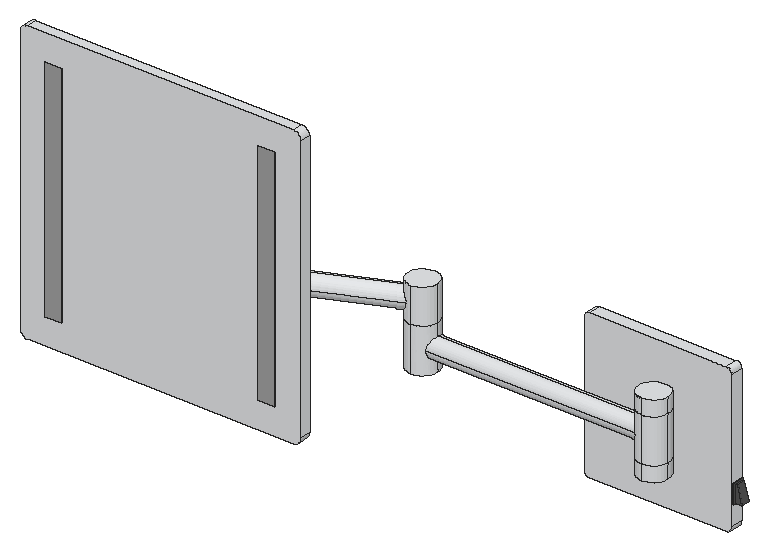
Revit family "DMMR0042", category Generic Models, Revit 2017
Family settings
  Can host rebar = No
  Round Connector Dimension = Use Diameter
  Part Type = Normal
  Work Plane-Based = No
  Always vertical = Yes
  Cut with Voids When Loaded = No
  Shared = No
  Room Calculation Point = No
Parameters
  Website = "https://dolphy.in/"  # constant formula
  Contact number = "+91 9520202035"  # constant formula
  Contact email = "info@dolphy.in\r\n"  # constant formula
  Company name = "Dolphy India"  # constant formula
Reference planes
  plane 1 "Center (Front/Back)": y = 0
  plane 2: z = 0
  plane 3 "Center (Left/Right)": x = 0
Forms (mm)
  Extrusion 1, solid, material "Dolphy_CHROME"
    sketch origin (-21.562, 0, 0) x (1, 0, 0) y (0, 0, 1)
      loop
        arc (-82.938, 95.5) -> (-86.473, 94.036) -> (-87.938, 90.5) r 5
        line (-87.938, 90.5) -> (-87.937, -90.5)
        arc (-87.937, -90.5) -> (-86.473, -94.036) -> (-82.937, -95.5) r 5
        line (-82.937, -95.5) -> (98.062, -95.5)
        arc (98.062, -95.5) -> (101.598, -94.036) -> (103.062, -90.5) r 5
        line (103.062, -90.5) -> (103.063, 90.5)
        arc (103.063, 90.5) -> (101.598, 94.036) -> (98.063, 95.5) r 5
        line (98.063, 95.5) -> (-82.938, 95.5)
    from 77.197 to 84.248
  Extrusion 2, solid, material "Dolphy_CHROME"
    sketch origin (0, 0, 0) x (1, 0, 0) y (0, 0, 1)
      loop
        spline (217.064, 0) -> (216.495, -0.025) -> (215.975, -0.099) -> (215.505, -0.223) -> (215.084, -0.396) -> (214.713, -0.619) -> (214.391, -0.891) -> (214.119, -1.213) -> (213.896, -1.584) -> (213.723, -2.005) -> (213.599, -2.475) -> (213.525, -2.995) -> (213.5, -3.564)
        line (213.5, -3.564) -> (213.5, -96.436)
        spline (213.5, -96.436) -> (213.525, -97.005) -> (213.599, -97.525) -> (213.723, -97.995) -> (213.896, -98.416) -> (214.119, -98.787) -> (214.391, -99.109) -> (214.713, -99.381) -> (215.084, -99.604) -> (215.505, -99.777) -> (215.975, -99.901) -> (216.495, -99.975) -> (217.064, -100)
        line (217.064, -100) -> (309.936, -100)
        spline (309.936, -100) -> (310.505, -99.975) -> (311.025, -99.901) -> (311.495, -99.777) -> (311.916, -99.604) -> (312.287, -99.381) -> (312.609, -99.109) -> (312.881, -98.787) -> (313.104, -98.416) -> (313.277, -97.995) -> (313.401, -97.525) -> (313.475, -97.005) -> (313.5, -96.436)
        line (313.5, -96.436) -> (313.5, -3.564)
        spline (313.5, -3.564) -> (313.475, -2.995) -> (313.401, -2.475) -> (313.277, -2.005) -> (313.104, -1.584) -> (312.881, -1.213) -> (312.609, -0.891) -> (312.287, -0.619) -> (311.916, -0.396) -> (311.495, -0.223) -> (311.025, -0.099) -> (310.505, -0.025) -> (309.936, 0)
        line (309.936, 0) -> (217.064, 0)
    from 0 to 8.413
  Extrusion 3, solid, material "Dolphy_CHROME"
    sketch origin (8.348, 0, 0) x (1, 0, 0) y (0, 1, 0)
      loop
        spline (260.152, -8.413) -> (259.04, -8.469) -> (257.899, -8.676) -> (256.752, -9.029) -> (255.624, -9.527) -> (254.538, -10.167) -> (253.519, -10.946) -> (252.59, -11.863) -> (251.777, -12.914) -> (251.102, -14.097) -> (250.59, -15.409) -> (250.266, -16.849) -> (250.152, -18.413)
        spline (250.152, -18.413) -> (250.266, -19.977) -> (250.59, -21.416) -> (251.102, -22.729) -> (251.777, -23.912) -> (252.59, -24.963) -> (253.519, -25.879) -> (254.538, -26.659) -> (255.624, -27.299) -> (256.752, -27.797) -> (257.899, -28.15) -> (259.04, -28.356) -> (260.152, -28.413)
        spline (260.152, -28.413) -> (261.264, -28.356) -> (262.405, -28.15) -> (263.552, -27.797) -> (264.681, -27.299) -> (265.767, -26.659) -> (266.786, -25.879) -> (267.714, -24.963) -> (268.528, -23.912) -> (269.202, -22.729) -> (269.714, -21.416) -> (270.039, -19.977) -> (270.152, -18.413)
        spline (270.152, -18.413) -> (270.039, -16.849) -> (269.714, -15.409) -> (269.202, -14.097) -> (268.528, -12.914) -> (267.714, -11.863) -> (266.786, -10.946) -> (265.767, -10.167) -> (264.681, -9.527) -> (263.552, -9.029) -> (262.405, -8.676) -> (261.264, -8.469) -> (260.152, -8.413)
    from -65 to -35
  Extrusion 4, solid, material "Dolphy_CHROME"
    sketch origin (8.348, 0, 0) x (1, 0, 0) y (0, 1, 0)
      loop
        spline (260.152, -8.413) -> (259.04, -8.469) -> (257.899, -8.676) -> (256.752, -9.029) -> (255.624, -9.527) -> (254.538, -10.167) -> (253.519, -10.946) -> (252.59, -11.863) -> (251.777, -12.914) -> (251.102, -14.097) -> (250.59, -15.409) -> (250.266, -16.849) -> (250.152, -18.413)
        spline (250.152, -18.413) -> (250.266, -19.977) -> (250.59, -21.416) -> (251.102, -22.729) -> (251.777, -23.912) -> (252.59, -24.963) -> (253.519, -25.879) -> (254.538, -26.659) -> (255.624, -27.299) -> (256.752, -27.797) -> (257.899, -28.15) -> (259.04, -28.356) -> (260.152, -28.413)
        spline (260.152, -28.413) -> (261.264, -28.356) -> (262.405, -28.15) -> (263.552, -27.797) -> (264.681, -27.299) -> (265.767, -26.659) -> (266.786, -25.879) -> (267.714, -24.963) -> (268.528, -23.912) -> (269.202, -22.729) -> (269.714, -21.416) -> (270.039, -19.977) -> (270.152, -18.413)
        spline (270.152, -18.413) -> (270.039, -16.849) -> (269.714, -15.409) -> (269.202, -14.097) -> (268.528, -12.914) -> (267.714, -11.863) -> (266.786, -10.946) -> (265.767, -10.167) -> (264.681, -9.527) -> (263.552, -9.029) -> (262.405, -8.676) -> (261.264, -8.469) -> (260.152, -8.413)
    from -35 to -25
  Extrusion 5, solid, material "Dolphy_CHROME"
    sketch origin (8.348, 0, 0) x (1, 0, 0) y (0, 1, 0)
      loop
        spline (260.152, -8.413) -> (259.04, -8.469) -> (257.899, -8.676) -> (256.752, -9.029) -> (255.624, -9.527) -> (254.538, -10.167) -> (253.519, -10.946) -> (252.59, -11.863) -> (251.777, -12.914) -> (251.102, -14.097) -> (250.59, -15.409) -> (250.266, -16.849) -> (250.152, -18.413)
        spline (250.152, -18.413) -> (250.266, -19.977) -> (250.59, -21.416) -> (251.102, -22.729) -> (251.777, -23.912) -> (252.59, -24.963) -> (253.519, -25.879) -> (254.538, -26.659) -> (255.624, -27.299) -> (256.752, -27.797) -> (257.899, -28.15) -> (259.04, -28.356) -> (260.152, -28.413)
        spline (260.152, -28.413) -> (261.264, -28.356) -> (262.405, -28.15) -> (263.552, -27.797) -> (264.681, -27.299) -> (265.767, -26.659) -> (266.786, -25.879) -> (267.714, -24.963) -> (268.528, -23.912) -> (269.202, -22.729) -> (269.714, -21.416) -> (270.039, -19.977) -> (270.152, -18.413)
        spline (270.152, -18.413) -> (270.039, -16.849) -> (269.714, -15.409) -> (269.202, -14.097) -> (268.528, -12.914) -> (267.714, -11.863) -> (266.786, -10.946) -> (265.767, -10.167) -> (264.681, -9.527) -> (263.552, -9.029) -> (262.405, -8.676) -> (261.264, -8.469) -> (260.152, -8.413)
    from -75 to -65
  Extrusion 6, solid, material "Dolphy_CHROME"
    sketch origin (51.353, 9.651, 126.353) x (0, 0, -1) y (0, 1, 0)
      loop
        spline (176.353, -21.064) -> (175.586, -21.093) -> (174.799, -21.229) -> (174.008, -21.471) -> (173.229, -21.817) -> (172.478, -22.265) -> (171.771, -22.812) -> (171.124, -23.456) -> (170.553, -24.195) -> (170.075, -25.028) -> (169.705, -25.952) -> (169.459, -26.965) -> (169.353, -28.064)
        spline (169.353, -28.064) -> (169.459, -29.164) -> (169.705, -30.177) -> (170.075, -31.1) -> (170.553, -31.933) -> (171.124, -32.673) -> (171.771, -33.317) -> (172.478, -33.864) -> (173.229, -34.311) -> (174.008, -34.657) -> (174.799, -34.9) -> (175.586, -35.036) -> (176.353, -35.064)
        spline (176.353, -35.064) -> (177.12, -35.036) -> (177.907, -34.9) -> (178.699, -34.657) -> (179.478, -34.311) -> (180.229, -33.864) -> (180.936, -33.317) -> (181.582, -32.673) -> (182.153, -31.933) -> (182.631, -31.1) -> (183.002, -30.177) -> (183.248, -29.164) -> (183.353, -28.064)
        spline (183.353, -28.064) -> (183.248, -26.965) -> (183.002, -25.952) -> (182.631, -25.028) -> (182.153, -24.195) -> (181.582, -23.456) -> (180.936, -22.812) -> (180.229, -22.265) -> (179.478, -21.817) -> (178.699, -21.471) -> (177.907, -21.229) -> (177.12, -21.093) -> (176.353, -21.064)
    from 62.561 to 218.647
  Extrusion 7, solid, material "Dolphy_CHROME"
    sketch origin (-148.652, 0, 0) x (1, 0, 0) y (0, 1, 0)
      loop
        spline (260.152, -8.413) -> (259.04, -8.469) -> (257.899, -8.676) -> (256.752, -9.029) -> (255.624, -9.527) -> (254.538, -10.167) -> (253.519, -10.946) -> (252.59, -11.863) -> (251.777, -12.914) -> (251.102, -14.097) -> (250.59, -15.409) -> (250.266, -16.849) -> (250.152, -18.413)
        spline (250.152, -18.413) -> (250.266, -19.977) -> (250.59, -21.416) -> (251.102, -22.729) -> (251.777, -23.912) -> (252.59, -24.963) -> (253.519, -25.879) -> (254.538, -26.659) -> (255.624, -27.299) -> (256.752, -27.797) -> (257.899, -28.15) -> (259.04, -28.356) -> (260.152, -28.413)
        spline (260.152, -28.413) -> (261.264, -28.356) -> (262.405, -28.15) -> (263.552, -27.797) -> (264.681, -27.299) -> (265.767, -26.659) -> (266.786, -25.879) -> (267.714, -24.963) -> (268.528, -23.912) -> (269.202, -22.729) -> (269.714, -21.416) -> (270.039, -19.977) -> (270.152, -18.413)
        spline (270.152, -18.413) -> (270.039, -16.849) -> (269.714, -15.409) -> (269.202, -14.097) -> (268.528, -12.914) -> (267.714, -11.863) -> (266.786, -10.946) -> (265.767, -10.167) -> (264.681, -9.527) -> (263.552, -9.029) -> (262.405, -8.676) -> (261.264, -8.469) -> (260.152, -8.413)
    from -65 to -35
  Extrusion 8, solid, material "Dolphy_CHROME"
    sketch origin (-148.652, 0, 0) x (1, 0, 0) y (0, 1, 0)
      loop
        spline (260.152, -8.413) -> (259.04, -8.469) -> (257.899, -8.676) -> (256.752, -9.029) -> (255.624, -9.527) -> (254.538, -10.167) -> (253.519, -10.946) -> (252.59, -11.863) -> (251.777, -12.914) -> (251.102, -14.097) -> (250.59, -15.409) -> (250.266, -16.849) -> (250.152, -18.413)
        spline (250.152, -18.413) -> (250.266, -19.977) -> (250.59, -21.416) -> (251.102, -22.729) -> (251.777, -23.912) -> (252.59, -24.963) -> (253.519, -25.879) -> (254.538, -26.659) -> (255.624, -27.299) -> (256.752, -27.797) -> (257.899, -28.15) -> (259.04, -28.356) -> (260.152, -28.413)
        spline (260.152, -28.413) -> (261.264, -28.356) -> (262.405, -28.15) -> (263.552, -27.797) -> (264.681, -27.299) -> (265.767, -26.659) -> (266.786, -25.879) -> (267.714, -24.963) -> (268.528, -23.912) -> (269.202, -22.729) -> (269.714, -21.416) -> (270.039, -19.977) -> (270.152, -18.413)
        spline (270.152, -18.413) -> (270.039, -16.849) -> (269.714, -15.409) -> (269.202, -14.097) -> (268.528, -12.914) -> (267.714, -11.863) -> (266.786, -10.946) -> (265.767, -10.167) -> (264.681, -9.527) -> (263.552, -9.029) -> (262.405, -8.676) -> (261.264, -8.469) -> (260.152, -8.413)
    from -35 to -11.384
  Extrusion 9, solid, material "Dolphy_CHROME"
    sketch origin (-260.152, -48.785, 0) x (1, 0, 0) y (0, 1, 0)
      loop
        spline (260.152, -8.413) -> (259.04, -8.469) -> (257.899, -8.676) -> (256.752, -9.029) -> (255.624, -9.527) -> (254.538, -10.167) -> (253.519, -10.946) -> (252.59, -11.863) -> (251.777, -12.914) -> (251.102, -14.097) -> (250.59, -15.409) -> (250.266, -16.849) -> (250.152, -18.413)
        spline (250.152, -18.413) -> (250.266, -19.977) -> (250.59, -21.416) -> (251.102, -22.729) -> (251.777, -23.912) -> (252.59, -24.963) -> (253.519, -25.879) -> (254.538, -26.659) -> (255.624, -27.299) -> (256.752, -27.797) -> (257.899, -28.15) -> (259.04, -28.356) -> (260.152, -28.413)
        spline (260.152, -28.413) -> (261.264, -28.356) -> (262.405, -28.15) -> (263.552, -27.797) -> (264.681, -27.299) -> (265.767, -26.659) -> (266.786, -25.879) -> (267.714, -24.963) -> (268.528, -23.912) -> (269.202, -22.729) -> (269.714, -21.416) -> (270.039, -19.977) -> (270.152, -18.413)
        spline (270.152, -18.413) -> (270.039, -16.849) -> (269.714, -15.409) -> (269.202, -14.097) -> (268.528, -12.914) -> (267.714, -11.863) -> (266.786, -10.946) -> (265.767, -10.167) -> (264.681, -9.527) -> (263.552, -9.029) -> (262.405, -8.676) -> (261.264, -8.469) -> (260.152, -8.413)
    from -35 to -11.384
  Extrusion 10, solid, material "Dolphy_CHROME"
    sketch origin (-101.159, -81.706, 152.677) x (0, 0, -1) y (-0.406737, 0.913545, 0)
      loop
        spline (176.353, -21.064) -> (175.586, -21.093) -> (174.799, -21.229) -> (174.008, -21.471) -> (173.229, -21.817) -> (172.478, -22.265) -> (171.771, -22.812) -> (171.124, -23.456) -> (170.553, -24.195) -> (170.075, -25.028) -> (169.705, -25.952) -> (169.459, -26.965) -> (169.353, -28.064)
        spline (169.353, -28.064) -> (169.459, -29.164) -> (169.705, -30.177) -> (170.075, -31.1) -> (170.553, -31.933) -> (171.124, -32.673) -> (171.771, -33.317) -> (172.478, -33.864) -> (173.229, -34.311) -> (174.008, -34.657) -> (174.799, -34.9) -> (175.586, -35.036) -> (176.353, -35.064)
        spline (176.353, -35.064) -> (177.12, -35.036) -> (177.907, -34.9) -> (178.699, -34.657) -> (179.478, -34.311) -> (180.229, -33.864) -> (180.936, -33.317) -> (181.582, -32.673) -> (182.153, -31.933) -> (182.631, -31.1) -> (183.002, -30.177) -> (183.248, -29.164) -> (183.353, -28.064)
        spline (183.353, -28.064) -> (183.248, -26.965) -> (183.002, -25.952) -> (182.631, -25.028) -> (182.153, -24.195) -> (181.582, -23.456) -> (180.936, -22.812) -> (180.229, -22.265) -> (179.478, -21.817) -> (178.699, -21.471) -> (177.907, -21.229) -> (177.12, -21.093) -> (176.353, -21.064)
    from 98.346 to 218.647
  Extrusion 11, solid, material "Dolphy_CHROME"
    sketch origin (-260.152, -48.785, 0) x (1, 0, 0) y (0, 1, 0)
      loop
        spline (260.152, -8.413) -> (259.04, -8.469) -> (257.899, -8.676) -> (256.752, -9.029) -> (255.624, -9.527) -> (254.538, -10.167) -> (253.519, -10.946) -> (252.59, -11.863) -> (251.777, -12.914) -> (251.102, -14.097) -> (250.59, -15.409) -> (250.266, -16.849) -> (250.152, -18.413)
        spline (250.152, -18.413) -> (250.266, -19.977) -> (250.59, -21.416) -> (251.102, -22.729) -> (251.777, -23.912) -> (252.59, -24.963) -> (253.519, -25.879) -> (254.538, -26.659) -> (255.624, -27.299) -> (256.752, -27.797) -> (257.899, -28.15) -> (259.04, -28.356) -> (260.152, -28.413)
        spline (260.152, -28.413) -> (261.264, -28.356) -> (262.405, -28.15) -> (263.552, -27.797) -> (264.681, -27.299) -> (265.767, -26.659) -> (266.786, -25.879) -> (267.714, -24.963) -> (268.528, -23.912) -> (269.202, -22.729) -> (269.714, -21.416) -> (270.039, -19.977) -> (270.152, -18.413)
        spline (270.152, -18.413) -> (270.039, -16.849) -> (269.714, -15.409) -> (269.202, -14.097) -> (268.528, -12.914) -> (267.714, -11.863) -> (266.786, -10.946) -> (265.767, -10.167) -> (264.681, -9.527) -> (263.552, -9.029) -> (262.405, -8.676) -> (261.264, -8.469) -> (260.152, -8.413)
    from -11.384 to -3.499
  Extrusion 12, solid, material "Dolphy_CHROME"
    sketch origin (-260.152, -48.785, 0) x (1, 0, 0) y (0, 1, 0)
      loop
        spline (260.152, -8.413) -> (259.04, -8.469) -> (257.899, -8.676) -> (256.752, -9.029) -> (255.624, -9.527) -> (254.538, -10.167) -> (253.519, -10.946) -> (252.59, -11.863) -> (251.777, -12.914) -> (251.102, -14.097) -> (250.59, -15.409) -> (250.266, -16.849) -> (250.152, -18.413)
        spline (250.152, -18.413) -> (250.266, -19.977) -> (250.59, -21.416) -> (251.102, -22.729) -> (251.777, -23.912) -> (252.59, -24.963) -> (253.519, -25.879) -> (254.538, -26.659) -> (255.624, -27.299) -> (256.752, -27.797) -> (257.899, -28.15) -> (259.04, -28.356) -> (260.152, -28.413)
        spline (260.152, -28.413) -> (261.264, -28.356) -> (262.405, -28.15) -> (263.552, -27.797) -> (264.681, -27.299) -> (265.767, -26.659) -> (266.786, -25.879) -> (267.714, -24.963) -> (268.528, -23.912) -> (269.202, -22.729) -> (269.714, -21.416) -> (270.039, -19.977) -> (270.152, -18.413)
        spline (270.152, -18.413) -> (270.039, -16.849) -> (269.714, -15.409) -> (269.202, -14.097) -> (268.528, -12.914) -> (267.714, -11.863) -> (266.786, -10.946) -> (265.767, -10.167) -> (264.681, -9.527) -> (263.552, -9.029) -> (262.405, -8.676) -> (261.264, -8.469) -> (260.152, -8.413)
    from -42.816 to -35
  Extrusion 13, solid, material "LIGHT"
    sketch origin (0, 0, 0) x (1, 0, 0) y (0, 0, 1)
      loop
        line (-92.986, 77.5) -> (-92.986, -77.5) -> (-81.569, -77.5) -> (-81.569, 77.5) -> (-92.986, 77.5)
      loop
        line (52.014, 77.5) -> (52.014, -77.5) -> (63.431, -77.5) -> (63.431, 77.5) -> (52.014, 77.5)
    from 78.955 to 84.301
  Extrusion 14, solid, material "Dolphy_BLACK"
    sketch origin (527, 0, 0) x (-1, 0, 0) y (0, 0, -1)
      loop
        line (213.5, 82.635) -> (212.26, 82.635) -> (212.26, 69.616) -> (213.5, 69.616) -> (213.5, 82.635)
    from 0.679 to 7.897
  Extrusion 15, solid, material "Dolphy_BLACK"
    sketch origin (527, 0, 0) x (-1, 0, 0) y (0, 0, -1)
      loop
        line (212.26, 81.968) -> (207.595, 81.968)
        spline (207.595, 81.968) -> (207.88, 81.158) -> (208.154, 80.318) -> (208.417, 79.449) -> (208.67, 78.551) -> (208.913, 77.623) -> (209.145, 76.665) -> (209.366, 75.678) -> (209.577, 74.662) -> (209.778, 73.616) -> (209.968, 72.541) -> (210.148, 71.436) -> (210.318, 70.302)
        line (210.318, 70.302) -> (212.26, 70.302) -> (212.26, 81.968)
    from 1.483 to 7.197
Cuts and joins
  joined: Extrusion 3, Extrusion 6, Extrusion 7
  joined: Extrusion 8, Extrusion 9, Extrusion 10
Dimensions and locks
  aligned and locked: level to plane 2
